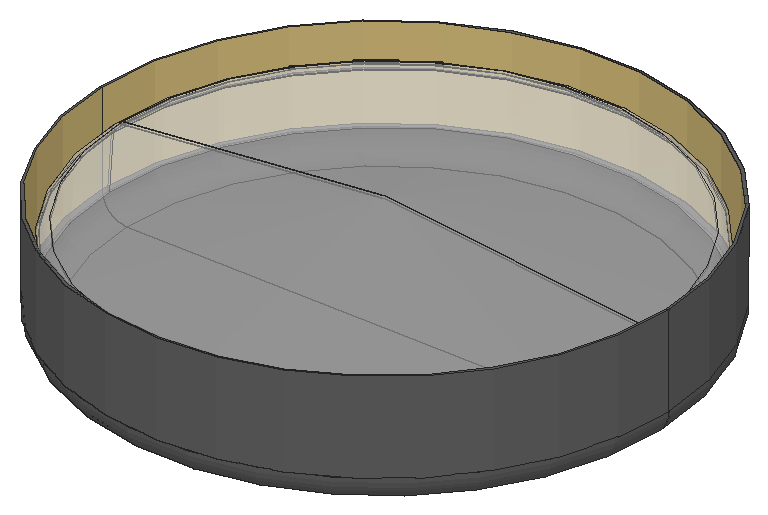
Revit family "PANZERI_GINEVRA_CEILING_LIGHT", category Lighting Fixtures, host Face, Revit 2018
Family settings
  Host = Face
  Round Connector Dimension = Use Diameter
  Part Type = Normal
  OmniClass Number = 23.80.70.00
  OmniClass Title = Lighting
  Cut with Voids When Loaded = No
  Light Source = Yes
  Shared = No
  Room Calculation Point = Yes
Parameters (values of type "Ø53cm_3000K_Black")
  Wattage = 12.6362 W
  WEIGHT = if(DIAMETER = 530 mm, 5.08 kg, 10.70 kg)  # 5.08 kg
  WATTAGE = 36 W
  built-in parameter 1150110 = 1 (stored number, unit not read)
  VOLTAGE = 0 V
  USAGE = "INDOOR - CEILING/WALL"  # constant formula
  URL = "https://panzeri.it/en/"
  Type Comments = "Direct light emission."  # constant formula
  built-in parameter 1114217 = 1 (stored number, unit not read)
  Tilt Angle = -90.00°  # constant formula
  built-in parameter 1150109 = 1 (stored number, unit not read)
  built-in parameter 1150134 = (empty or 0)
  TECHNICAL SHEET = "https://panzeri.it/en/products/product-family/design/indoor/ginevra/111/"
  built-in parameter 1150113 = 1 (stored number, unit not read)
  STRUCTURE MATERIAL = PANZERI_ALUMINIUM_POLYACRYLIC_PAINT_MAT_BLACK_06
  Photometric Web File = "Ginevra P092__.050.0402-3100.IES"
  Photometric Note = ""
  built-in parameter 1150105 = 149.37 (stored number, unit not read)
  Lumens = 1877 lm
  built-in parameter 1150115 = 1 (stored number, unit not read)
  Light Source Symbol Size = 300 mm
  built-in parameter 1150137 = (empty or 0)
  built-in parameter 1150139 = (empty or 0)
  built-in parameter 1150112 = 1 (stored number, unit not read)
  built-in parameter 1150114 = 1 (stored number, unit not read)
  LIGHTING SPECIFICATION = "LED 25W | 3000K | Ra>90 | 1877lm | 220-240V AC | dimmable (DALI|Push DIM)"
  built-in parameter 1150132 = 2
  built-in parameter 1150102 = (empty or 0)
  built-in parameter 1150107 = 3000 (stored number, unit not read)
  built-in parameter 1150138 = (empty or 0)
  built-in parameter 1150106 = 1.4937 (stored number, unit not read)
  IP RATING = "IP20"  # constant formula
  IK RATING = ""
  HEIGHT = if(DIAMETER = 530 mm, 110 mm, 140 mm)  # 110 mm
  FREQUENCY RANGE = "50/60Hz"  # constant formula
  FREQUENCY = 0 Hz
  built-in parameter 1150104 = 13.8 (stored number, unit not read)
  Dimming Lamp Color Temperature Shift = <None>
  DIAMETER = 530 mm
  PRODUCT SHEET = "https://www.archiproducts.com/en/products/panzeri/led-ceiling-lamp-ginevra-ceiling-lamp_349956"
  PRODUCT CODE = "P09280.050.0402"
  POWER SUPPLY = "220-240V AC"  # constant formula
  PACKAGING = if(DIAMETER = 530 mm, "20,0 x 62,0 x 62,0 cm", if(DIAMETER = 800 mm, "18,0 x 90,0 x 90,0 cm", ""))  # "20,0 x 62,0 x 62,0 cm"
  Model = "GINEVRA WALL-CEILING"  # constant formula
  Manufacturer = "PANZERI"  # constant formula
  MATERIAL DESCRIPTION = "Turned aluminium structure in polyacrylic paint. Pickled sheet metal wiring support plate in polyacrylic paint. Moulded polycarbonate micro-prismatic diffuser."  # constant formula
  Lamp = "LED"  # constant formula
  LAMP MATERIAL = PANZERI_POLYCARBONATE_OPALINE_SCREEN_Light_on
  INSTALLATION INSTRUCTIONS = "https://panzeri.it/en/products/product-family/design/indoor/ginevra/111/"
  ENERGY EFFICIENCY CLASS = "N/D"  # constant formula
  Description = "Ceiling or wall lighting fixture for interiors, with direct light emission."  # constant formula
  Default Elevation = 1219.2 mm
  DESIGNER = "Christian Burtolf"  # constant formula
  Color Filter = 16777215
  COLOR RENDERING INDEX = "Ra>90"  # constant formula
  COLLECTION = "GINEVRA"  # constant formula
  CANOPY_VISIBILITY = yes
  built-in parameter 1114218 = 1 (stored number, unit not read)
  BODY AND LIGHT SOURCE = 1_Body_LightSource_PANZERI_GINEVRA_CEILING_LIGHT : Ø53cm_3000K
  BIM USER MANUAL = "https://bimcad.edilportale.com/PANZERI-BIM-USER-MANUAL-PANZERI-bim.pdf"
  BIM BADGE = "https://bim.archiproducts.com/en/badge/bim-archiproducts-featured_658700/about"
  BIM AUTHOR = "https://bim.archiproducts.com"
  built-in parameter 1150133 = 10 (stored number, unit not read)
  Apparent Load = 0 VA
  AVAILABLE FINISHES = "Structure: mat black and gold or white and gold; Canopy: white or mat black. CUSTOM finishes available only on request."  # constant formula
  ACCESSORIES = "DRIVER: integrated included"  # constant formula
Types (4, lengths in mm): name | Wattage | WEIGHT | WATTAGE | Photometric Web File | Photometric Note | built-in parameter 1150105 | Lumens | LIGHTING SPECIFICATION | built-in parameter 1150107 | built-in parameter 1150106 | HEIGHT | DIAMETER | PRODUCT CODE | PACKAGING | BODY AND LIGHT SOURCE
  Ø53cm_3000K_Black | 12.6362 W | 5.08 kg | 36 W | "Ginevra P092__.050.0402-3100.IES" | "" | 149.37 (stored number, unit not read) | 1877 lm | "LED 25W | 3000K | Ra>90 | 1877lm | 220-240V AC | dimmable (DALI|Push DIM)" | 3000 (stored number, unit not read) | 1.4937 (stored number, unit not read) | 110 | 530 | "P09280.050.0402" | "20,0 x 62,0 x 62,0 cm" | 1_Body_LightSource_PANZERI_GINEVRA_CEILING_LIGHT : Ø53cm_3000K
  Ø80cm_3000K_Black | 45.3946 W | 10.70 kg | 71 W | "Ginevra P092__.080.0402-8857.IES" | "" | 536.59 (stored number, unit not read) | 6743 lm | "LED 71W | 3000K | Ra>90 | 6743lm | 220-240V AC | dimmable (DALI|Push DIM)" | 3000 (stored number, unit not read) | 5.3659 (stored number, unit not read) | 140 | 800 | "P09280.080.0402" | "18,0 x 90,0 x 90,0 cm" | 1_Body_LightSource_PANZERI_GINEVRA_CEILING_LIGHT : Ø80cm_3000K
  Ø53cm_TunableWhiteLight_Black | 12.0774 W | 5.08 kg | 30 W | "Ginevra P092__.050.0402-3100.IES" | "This type has a tunable white light, You can change the Initial Color and Initial Intensity respecting the Range written in the LIGHTING SPECIFICATION." | 730.89 (stored number, unit not read) | 1794 lm | "LED 30W | 2700-6500K | Ra>90 | 1794lm min - 2046lm max | 220-240V AC | tunable white" | 2700 (stored number, unit not read) | 7.3089 (stored number, unit not read) | 110 | 530 | "P09280.050.9017" | "20,0 x 62,0 x 62,0 cm" | 1_Body_LightSource_PANZERI_GINEVRA_CEILING_LIGHT : Ø53cm_3000K
  Ø80cm_TunableWhiteLight_Black | 43.8799 W | 10.70 kg | 69 W | "Ginevra P092__.080.0402-8857.IES" | "This type has a tunable white light, You can change the Initial Color and Initial Intensity respecting the Range written in the LIGHTING SPECIFICATION." | 2581.1 (stored number, unit not read) | 6518 lm | "LED 69W | 2700-6500K | Ra>90 | 6518lm min - 7190lm max | 220-240V AC | tunable white" | 2700 (stored number, unit not read) | 25.811 (stored number, unit not read) | 140 | 800 | "P09280.080.9017" | "18,0 x 90,0 x 90,0 cm" | 1_Body_LightSource_PANZERI_GINEVRA_CEILING_LIGHT : Ø80cm_3000K
Reference planes
  plane 1 "Center (Front/Back)": y = 0
  plane 2: z = 0
  plane 3 "Center (Left/Right)": x = 0
  plane 4 "LIGHT SOURCE PLAN": z = 15.231
  plane 5 "BOTTOM": z = 0
Dimensions and locks
  locked: plane 5 "BOTTOM" to plane 2 at 0
  locked: plane 4 "LIGHT SOURCE PLAN" to plane 5 "BOTTOM" at 15.231
  aligned and locked: plane 2 to host face
  aligned and locked: level to host face
  aligned and locked: plane 4 "LIGHT SOURCE PLAN" to imposter light
Nested families
  nested 1: "Lighting symbol" at (0, 0, 0) x (0.7071, -0.7071, 0) z (0, 0, 1), Light Source Symbol Size <- "Light Source Symbol Size", type "Lighting symbol", detail levels coarse
    with Light Source Symbol Size 300 mm
  nested 2: "1_Body_LightSource_PANZERI_GINEVRA_CEILING_LIGHT" at (0.023, 0, 2.5) x (0, -1, 0) z (0, 0, 1), LAMP MATERIAL <- "LAMP MATERIAL", STRUCTURE MATERIAL <- "STRUCTURE MATERIAL", type <- "BODY AND LIGHT SOURCE", type "Ø53cm_3000K"
    with STRUCTURE MATERIAL PANZERI_ALUMINIUM_POLYACRYLIC_PAINT_MAT_BLACK_06, LAMP MATERIAL PANZERI_POLYCARBONATE_OPALINE_SCREEN_Light_on
Connectors
  electrical at (0, 0, 0), driven by "VOLTAGE", driven by "Apparent Load"
    settings: index 1, voltage 0 V, apparent load 0 VA, apparent load phase1 0 VA, apparent load phase2 0 VA, apparent load phase3 0 VA, power factor 1, load classification "Lighting", number of poles 1, system type 30, power factor state 1, is connector primary yes, connector utility no, sub classification motor no, connector description ""
Definition of nested family "1_Body_LightSource_PANZERI_GINEVRA_CEILING_LIGHT"
  Parameters (values of type "Ø53cm_3000K")
    STRUCTURE MATERIAL [instance] = none
    R = if(DIAMETER = 530 mm, 265 mm, 400 mm)  # 265 mm
    Model = "GINEVRA SUSPENSION"  # constant formula
    LAMP MATERIAL [instance] = none
    H = if(DIAMETER = 530 mm, 110 mm, 140 mm)  # 110 mm
    Default Elevation = 1219.2 mm
    DIAMETER = 530 mm
    BODY 80CM = if(DIAMETER = 530 mm, 1 = 0, 1 = 1)  # no
    BODY 53CM = not(BODY 80CM)  # yes
  Types (2, lengths in mm): name | R | H | DIAMETER | BODY 80CM | BODY 53CM
    Ø53cm_3000K | 265 | 110 | 530 | no | yes
    Ø80cm_3000K | 400 | 140 | 800 | yes | no
  Reference planes
    plane 1 "Light Source Axis (F/B)": y = 0
    plane 2: z = 0
    plane 3 "Light Source Axis (L/R)": x = 0
    plane 4 "Light Source Elevation": z = 15.231
    plane 5 "1": y = 0
  Forms (mm)
    Revolve 1, solid, material <- "STRUCTURE MATERIAL", visible <- "BODY 53CM", detail levels fine
      sketch origin (0, 0, 0) x (0, 1, 0) y (0, 0, 1)
        loop
          line (265.215, 110) -> (263.238, 110) -> (263.238, 25)
          arc (263.238, 25) -> (256.501, 8.737) -> (240.238, 2) r 23
          line (240.238, 2) -> (0, 2) -> (0, 0) -> (240.215, 0)
          arc (240.215, 0) -> (257.893, 7.322) -> (265.215, 25) r 25
          line (265.215, 25) -> (265.215, 110)
        axis (0, 110) -> (0, 0)
      angle from 0 to 360
    Revolve 2, solid, material <- "LAMP MATERIAL", visible <- "BODY 53CM", detail levels fine
      sketch origin (0, 0, 0) x (0, 1, 0) y (0, 0, 1)
        loop
          line (257.715, 24.8) -> (254.125, 76.144)
          arc (254.125, 76.144) -> (250.91, 83.77) -> (243.703, 87.837) r 12.803
          arc (243.703, 87.837) -> (122.37, 105.101) -> (0, 111.823) r 1417.942
          line (0, 111.823) -> (0, 109.672)
          arc (0, 109.672) -> (122.172, 102.959) -> (243.299, 85.674) r 1415.791
          arc (243.299, 85.674) -> (249.268, 82.306) -> (251.93, 75.991) r 10.603
          line (251.93, 75.991) -> (255.51, 24.8) -> (257.715, 24.8)
        axis (0, 111.823) -> (0, 24.8)
      angle from 0 to 360
    Revolve 3, solid, material <- "STRUCTURE MATERIAL", visible <- "BODY 80CM", detail levels fine
      sketch origin (0, 0, 0) x (0, 1, 0) y (0, 0, 1)
        loop
          line (400.018, 134) -> (398.018, 134) -> (398.018, 25)
          arc (398.018, 25) -> (391.281, 8.737) -> (375.018, 2) r 23
          line (375.018, 2) -> (0, 2) -> (0, 0) -> (375.018, 0)
          arc (375.018, 0) -> (392.696, 7.322) -> (400.018, 25) r 25
          line (400.018, 25) -> (400.018, 134)
        axis (0, 134) -> (0, 0)
      angle from 0 to 360
    Revolve 4, solid, material <- "LAMP MATERIAL", visible <- "BODY 80CM", detail levels fine
      sketch origin (0, 0, 0) x (0, 1, 0) y (0, 0, 1)
        loop
          line (391.942, 29.2) -> (388.628, 76.614)
          arc (388.628, 76.614) -> (385.568, 84.251) -> (378.629, 88.669) r 13.428
          arc (378.629, 88.669) -> (190.872, 125.085) -> (0, 137.181) r 1491.854
          line (0, 137.181) -> (0, 134.981)
          arc (0, 134.981) -> (190.592, 122.903) -> (378.072, 86.541) r 1489.654
          arc (378.072, 86.541) -> (383.875, 82.846) -> (386.433, 76.461) r 11.228
          line (386.433, 76.461) -> (389.737, 29.2) -> (391.942, 29.2)
        axis (0, 137.181) -> (0, 29.2)
      angle from 0 to 360
    Revolve 5, solid, detail levels medium
      sketch origin (0, 0, 0) x (0, 1, 0) y (0, 0, 1)
        loop
          line (0, -1.2) -> (265, -1.2) -> (265, 110) -> (0, 110) -> (0, -1.2)
        axis (0, 110) -> (0, -1.2)
      angle from 0 to 360
  Lines and regions (mm)
    symbolic lines, detail levels coarse
      curve 1: line (-265, 0, 110) -> (265, 0, 110)
      curve 2: line (-265, 0, -1.2) -> (-265, 0, 110)
      curve 3: line (265, 0, -1.2) -> (-265, 0, -1.2)
      curve 4: line (265, 0, 110) -> (265, 0, -1.2)
      curve 5: line (0, 265, 110) -> (0, -265, 110)
      curve 6: line (0, 265, -1.2) -> (0, 265, 110)
      curve 7: line (0, -265, -1.2) -> (0, 265, -1.2)
      curve 8: line (0, -265, 110) -> (0, -265, -1.2)
  Dimensions and locks
    "R": Revolve 5 sketch curve to plane 1 "Light Source Axis (F/B)"
    "H": plane 2 to Revolve 5 sketch curve
    equal spacing: curve 4, plane 3 "Light Source Axis (L/R)", curve 2
    "DIAMETER": curve 4 to curve 2
    "H": curve 1 to plane 2
    equal spacing: curve 6, plane 1 "Light Source Axis (F/B)", curve 8
    "DIAMETER": curve 6 to curve 8
    "H": plane 2 to curve 5
    aligned and locked: level to plane 2
  Automatic sketch dimensions
    Revolve 2 sketch curve to Revolve 2 sketch curve = 0 mm  (x4)
    Revolve 2 sketch curve to plane 1 "Light Source Axis (F/B)" = 0 mm  (x2)
    plane 1 "Light Source Axis (F/B)" to Revolve 2 sketch curve = 16.523 mm
    level to Revolve 2 sketch curve = 75.251 mm
    Revolve 2 sketch curve to plane 1 "Light Source Axis (F/B)" = 241.353 mm
    level to Revolve 2 sketch curve = 75.991 mm
    Revolve 2 sketch curve to Revolve 2 sketch curve = 10.577 mm
    Revolve 2 sketch curve to Revolve 2 sketch curve = 2.195 mm
    Revolve 2 sketch curve to level = 1306.023 mm
    level to Revolve 2 sketch curve = 109.672 mm
    Revolve 2 sketch curve to Revolve 2 sketch curve = 2.151 mm
    Revolve 2 sketch curve to Revolve 2 sketch curve = 0.404 mm
    Revolve 2 sketch curve to Revolve 2 sketch curve = 0.009 mm
    Revolve 2 sketch curve to Revolve 2 sketch curve = 2.205 mm
    level to Revolve 2 sketch curve = 24.8 mm
    Revolve 2 sketch curve to level = 75 mm
    Revolve 2 sketch curve to Revolve 2 sketch curve = 63.177 mm
    Revolve 4 sketch curve to Revolve 4 sketch curve = 0 mm  (x6)
    Revolve 4 sketch curve to plane 1 "Light Source Axis (F/B)" = 0 mm  (x2)
    Revolve 4 sketch curve to plane 1 "Light Source Axis (F/B)" = 1.277 mm
    Revolve 4 sketch curve to plane 4 "Light Source Elevation" = 60.446 mm
    Revolve 4 sketch curve to plane 1 "Light Source Axis (F/B)" = 375.232 mm
    Revolve 4 sketch curve to plane 4 "Light Source Elevation" = 61.229 mm
    Revolve 4 sketch curve to Revolve 4 sketch curve = 11.201 mm
    Revolve 4 sketch curve to plane 4 "Light Source Elevation" = 61.383 mm
    Revolve 4 sketch curve to Revolve 4 sketch curve = 2.195 mm
    Revolve 4 sketch curve to plane 4 "Light Source Elevation" = 13.969 mm
    Revolve 4 sketch curve to level = 1354.671 mm
    Revolve 4 sketch curve to level = 75 mm
    Revolve 4 sketch curve to Revolve 4 sketch curve = 37.819 mm
    Revolve 3 sketch curve to Revolve 3 sketch curve = 0 mm  (x2)
    Revolve 3 sketch curve to plane 1 "Light Source Axis (F/B)" = 0 mm  (x2)
    Revolve 3 sketch curve to level = 0 mm
    Revolve 3 sketch curve to plane 4 "Light Source Elevation" = 9.769 mm
    Revolve 3 sketch curve to plane 1 "Light Source Axis (F/B)" = 375.018 mm
    Revolve 3 sketch curve to Revolve 3 sketch curve = 2 mm
    Revolve 3 sketch curve to Revolve 3 sketch curve = 109 mm
    Revolve 3 sketch curve to level = 20 mm
    Revolve 3 sketch curve to plane 4 "Light Source Elevation" = 174.769 mm
    Revolve 1 sketch curve to plane 1 "Light Source Axis (F/B)" = 0 mm  (x2)
    Revolve 1 sketch curve to level = 0 mm
    Revolve 1 sketch curve to plane 1 "Light Source Axis (F/B)" = 240.215 mm
    Revolve 1 sketch curve to Revolve 1 sketch curve = 0.023 mm
    Revolve 1 sketch curve to Revolve 1 sketch curve = 23 mm
    Revolve 1 sketch curve to Revolve 1 sketch curve = 1.977 mm
    level to Revolve 1 sketch curve = 2 mm
    Revolve 1 sketch curve to Revolve 1 sketch curve = 85 mm
    Revolve 1 sketch curve to level = 20 mm
    Revolve 1 sketch curve to plane 4 "Light Source Elevation" = 174.769 mm
    curve 4 to level = 1.2 mm
    curve 8 to level = 1.2 mm
    Revolve 5 sketch curve to plane 1 "Light Source Axis (F/B)" = 0 mm  (x2)
    Revolve 5 sketch curve to level = 1.2 mm
    Revolve 5 sketch curve to Revolve 5 sketch curve = 163.569 mm
    Revolve 5 sketch curve to Revolve 5 sketch curve = 96.231 mm
Definition of nested family "Lighting symbol"
  Parameters (values of type "Lighting symbol")
    Light Source Symbol Size [instance] = 350 mm
  Reference planes
    plane 1 "Center (Front/Back)": y = 0
    plane 2: z = 0
    plane 3 "Center (Left/Right)": x = 0
  Lines and regions (mm)
    detail lines, in view "Ref. Level", detail levels coarse
      curve 1: circle (0, 0, 0) r 175 normal (0, 0, 1)
      curve 2: line (175, 0, 0) -> (-175, 0, 0)
      curve 3: line (0, 175, 0) -> (0, -175, 0)
  Dimensions and locks
    "Light Source Symbol Size": diameter of curve 1
    aligned and locked: curve 3 to plane 3 "Center (Left/Right)"
    aligned and locked: curve 2 to plane 1 "Center (Front/Back)"
  Automatic sketch dimensions
    plane 1 "Center (Front/Back)" to curve 1 = 0 mm
    curve 1 to plane 3 "Center (Left/Right)" = 0 mm
